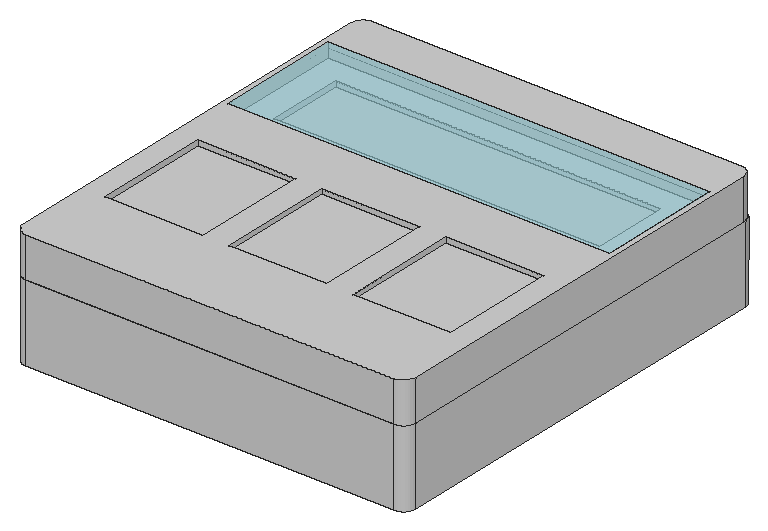
Revit family "Building-QuadriIEC309-GEWISS-68QDIN-QUADRI-PRESE-14MOD_3PRESE", category Apparecchi elettrici, host Superficie, Revit 2019
Family settings
  Host = Superficie
  Mantenere orientamento annotazione = Sì
  Quota connettore circolare = Usa diametro
  Tipo di parte = Normale
  Taglio con vuoti quando caricato = No
  Condiviso = No
  Punto di calcolo locali = Sì
Parameters (values of type "GW68005N - Q-DIN 14M 3FLANGE PR.16/32A IP65")
  visibilita posizionamento 2d [instance] = yes
  simbolo 2d [instance] = yes
  oggetto in pianta [instance] = not(visibilita posizionamento 2d)  # no
  distanza_simbolo [instance] = 0.1 mm
  bordo acceso [instance] = yes
  Visibilità sportello [instance] = yes
  Versione file RFA = "21.5"
  VETRO = Vetro
  URL = "https://www.gewiss.com/it/it"
  Tipologia di installazione = "Da parete"
  Tipo versione = "Vuoto"
  Termopressione con biglia = "70 °C"
  Temperatura di utilizzo = "-25 +40 °C"
  Temperatura di funzionamento = "-25 ÷ +40 °C"
  Spostamento_effettivo_S [instance] = 4000 mm - Spostamento_S  # 3000 mm
  Spostamento_S = 1000 mm
  Simbolo_quadro [instance] = not(simbolo 2d)  # no
  Scheda Tecnica = "https://www.gewiss.com/it/it/search?q=GW68005N"
  STRUTTURA ALTA = Poche
  STRUTTURA = RAL - 7035
  SEO = "Quadretto"
  Resistenza agli urti = "IK08"
  Default Elevation = 1219.2 mm
  Produttore = "GEWISS S.p.A."
  Potenza dissipabile B (W) = "64"
  Potenza dissipabile A (W) = "24"
  PRESA = rosso
  POMELLO = bianco
  N. prese alloggiabili = "3 IEC 309 16/32 A IP44/67"
  N. mod. EN 50022 = "14"
  N. flange in dotazione = "1 IB 16/32 A"
  N. coperchi ciechi in dotazione = "1 IEC 16/32 A"
  Modello = "GW68005N"
  Immagine tipo = GW68005N.jpg
  IDT = "63e6b50c-c9b0-4c82-844b-021dcb4b6831"
  IDF = "64fd8844-c356-49a2-a1c7-5f6e02194f4d"
  Grado di protezione = "IP65"
  Glow Wire Test = "650°C"
  Descrizione = "Q-DIN 14M 3FLANGE PR.16/32A IP65"
  Creato da GEWISS S.p.A. = ""
  ConformitÃ  normativa = "EN 60208 - EN 60670-1 - IEC 60670-24"
  Colore = "Grigio RAL 7035"
  Codice Electrocod = "2242"
  Codice EAN = "8011564744769"
  Classe isolamento = "II"
  Catalogo Serie = "68 QDIN"
  Catalogo = "BUILDING"
  COBie.Tagnumber = ""
  COBie.CreatedOn = ""
  COBie.CreatebBy = ""
  COBie.ComponentRegisterItemID = ""
  COBie.Component.TagNumber = ""
  COBie.Component.Space = ""
  COBie.Component.SerialNumber = ""
  COBie.Component.InstallationDate = ""
  COBie.Component.Description = ""
  COBie.Component.BarCode = ""
Reference planes
  plane 1 "Centro (Fronte/Retro)": y = 0
  plane 2: z = 0
  plane 3 "Centro (Sinistra/Destra)": x = 0
  plane 4: x = -3000
  plane 5: x = 0
Forms (mm)
  Extrusion 1, solid, detail levels coarse
    sketch origin (0, 0, 0) x (1, 0, 0) y (0, 1, 0)
      loop
        line (-160, 354) -> (-160, 0) -> (160, 0) -> (160, 354) -> (-160, 354)
    from 0 to 96
Lines and regions (mm)
  Masking region 1, visible <- "visibilita posizionamento 2d"
    outline origin (0, 0, 0) x (1, 0, 0) y (0, 0, 1)
      loop
        line (-160, 0) -> (160, 0) -> (160, 96) -> (-160, 96) -> (-160, 0)
Dimensions and locks
  plane 4 to plane 3 "Centro (Sinistra/Destra)" = 3000 mm
  "Spostamento_effettivo_S": plane 4 to plane 5
  aligned and locked: plane 2 to host face
  aligned and locked: level to host face
  aligned and locked: nested 1 to plane 5
  aligned and locked: nested 3 to plane 5
  aligned and locked: nested 2 to plane 5
  aligned and locked: Extrusion 1 sketch curve to nested 2  (x3)
  aligned and locked: nested 2 to Extrusion 1 sketch curve
  aligned and locked: Extrusion 1 to nested 2
Automatic sketch dimensions
  host sketch curve to host sketch curve = 2438.4 mm  (x2)
  Masking region 1 sketch curve to level = 0 mm
  Masking region 1 sketch curve to plane 3 "Centro (Sinistra/Destra)" = 160 mm
  plane 3 "Centro (Sinistra/Destra)" to Masking region 1 sketch curve = 160 mm
  Masking region 1 sketch curve to Masking region 1 sketch curve = 96 mm
Nested families
  nested 1: "CENTRALINO" at (0, 737.795, 0), BORDO ACCESO <- "bordo acceso", SIMBOLO ACCESO <- "simbolo 2d", Distanza dal muro <- "distanza_simbolo", visible <- "simbolo 2d", type "CENTRALINO"
    with SIMBOLO ACCESO yes, Distanza dal muro 0.1 mm, BORDO ACCESO yes
  nested 2: "68QDIN14 QUADRO DISTRIBUZ X 3 PRESE IND_base" at (0, 192, 0), Visibilita sportello <- "Visibilità sportello", type "68QDIN14 QUADRO DISTRIBUZ X 3 PRESE IND_base", detail levels medium+fine
  nested 3: "simb_CENTRALINO_BASE_cad pro" at (0, 737.795, 0), Distanza dal muro <- "distanza_simbolo", visible <- "Simbolo_quadro", SIMBOLO ACCESO <- "Simbolo_quadro", type "simb_CENTRALINO_BASE_cad pro"
    with SIMBOLO ACCESO no, Distanza dal muro 0.1 mm, BORDO ACCESO yes
Definition of nested family "68QDIN14 QUADRO DISTRIBUZ X 3 PRESE IND_base"
  Parameters (values of type "68QDIN14 QUADRO DISTRIBUZ X 3 PRESE IND_base")
    n_moduli = 105 mm
    h_moduli = 64 mm
    Visibilita sportello [instance] = yes
    Vetro = none
    Struttura = none
    Spessore = 96 mm
    Default Elevation = 14 mm
    Presa = none
    Larghezza = 320 mm
    IFC.TypeObject = ""
    IFC.ExportType = ""
    IFC.ExportAs = ""
    H_da terra = 589.057 mm
    COBie.CreatedOn = ""
    COBie.CreatebBy = ""
    COBie.ComponentRegisterItemID = ""
    COBie.Component.TagNumber = ""
    COBie.Component.Space = ""
    COBie.Component.SerialNumber = ""
    COBie.Component.InstallationDate = ""
    COBie.Component.Description = ""
    COBie.Component.BarCode = ""
    Altezza scatole = 350 mm
    Altezza quadro = 150 mm
    Altezza = 258 mm
  Reference planes
    plane 1 "Centro (Fronte/Retro)": y = 0
    plane 2: z = 0
    plane 3 "Centro (Sinistra/Destra)": x = 0
    plane 4: z = 69.589
    plane 5: z = 115.626
    plane 6: z = 63
    plane 7: x = -160
    plane 8: x = 160
    plane 9: x = -156
    plane 10: x = 156
    plane 11: y = 123.21
    plane 12: y = 21.246
    plane 13: y = 0
    plane 14: y = -242.621
    plane 15: y = -28
    plane 16: y = -192
    plane 17: y = 162
    plane 18: z = 58
    plane 19: y = 103
    plane 20: y = 39
    plane 21: x = -52.5
    plane 22: x = 52.5
    plane 23: z = 92.059
    plane 24: z = 96
    plane 25 "posizionamento moduli": z = 84.734
    plane 26: z = 80.558
    plane 27: y = 71
    plane 28: x = -141
    plane 29: x = 158.1
    plane 30: x = -61
    plane 31: y = -123
    plane 32: x = -40
    plane 33: x = 40
    plane 34: x = 61
    plane 35: x = 141
  Forms (mm)
    Extrusion 1, solid, material <- "Struttura"
      sketch origin (0, -857.311, 0) x (1, 0, 0) y (0, 1, 0)
        loop
          arc (-150, 1019.311) -> (-157.071, 1016.382) -> (-160, 1009.311) r 10
          line (-160, 1009.311) -> (-160, 675.311)
          arc (-160, 675.311) -> (-157.071, 668.24) -> (-150, 665.311) r 10
          line (-150, 665.311) -> (150, 665.311)
          arc (150, 665.311) -> (157.071, 668.24) -> (160, 675.311) r 10
          line (160, 675.311) -> (160, 1009.311)
          arc (160, 1009.311) -> (157.071, 1016.382) -> (150, 1019.311) r 10
          line (150, 1019.311) -> (-150, 1019.311)
      from 63 to 96
    Extrusion 2, solid, material <- "Struttura"
      sketch origin (0, -857.311, 0) x (1, 0, 0) y (0, 1, 0)
        loop
          line (152.45, 1019.311) -> (-156.38, 1019.311)
          arc (-156.38, 1019.311) -> (-158.94, 1018.251) -> (-160, 1015.691) r 3.62
          line (-160, 1015.691) -> (-160, 675.311)
          arc (-160, 675.311) -> (-157.071, 668.24) -> (-150, 665.311) r 10
          line (-150, 665.311) -> (150, 665.311)
          arc (150, 665.311) -> (157.071, 668.24) -> (160, 675.311) r 10
          line (160, 675.311) -> (160, 1011.76)
          arc (160, 1011.76) -> (157.789, 1017.099) -> (152.45, 1019.311) r 7.55
      from 0 to 63
    Extrusion 3, void
      sketch origin (0, -857.311, 0) x (1, 0, 0) y (0, 1, 0)
        loop
          line (-156, 980.52) -> (-156, 878.557) -> (156, 878.557) -> (156, 980.52) -> (-156, 980.52)
      from 69.589 to 96
    Extrusion 4, solid, material <- "Vetro", visible <- "Visibilita sportello", detail levels fine
      sketch origin (0, -857.311, 0) x (1, 0, 0) y (0, 1, 0)
        loop
          line (-156, 980.52) -> (-156, 878.557) -> (156, 878.557) -> (156, 980.52) -> (-156, 980.52)
      from 92.059 to 96
    Extrusion 5, void
      sketch origin (0, 0, 0) x (1, 0, 0) y (0, 1, 0)
        loop
          line (-52.5, 39) -> (52.5, 39) -> (52.5, 103) -> (-52.5, 103) -> (-52.5, 39)
      from 80.558 to 84.734
    Extrusion 6, solid
      sketch origin (0, 0, 0) x (1, 0, 0) y (0, 1, 0)
        loop
          line (-156, 123.21) -> (-156, 21.246) -> (156, 21.246) -> (156, 123.21) -> (-156, 123.21)
      from 80.558 to 84.734
    Extrusion 7, void
      sketch origin (0, 0, 84.734) x (0, -1, 0) y (1, 0, 0)
        loop
          line (28, -141) -> (123, -141) -> (123, -61) -> (28, -61) -> (28, -141)
        loop
          line (123, -40) -> (123, 40) -> (28, 40) -> (28, -40) -> (123, -40)
        loop
          line (28, 61) -> (123, 61) -> (123, 141) -> (28, 141) -> (28, 61)
      from 7.325 to 11.266
  Cuts and joins
    Extrusion 3, Extrusion 7 cuts Extrusion 1
    Extrusion 5 cuts Extrusion 6
    Extrusion 5 cuts Extrusion 4
  Lines and regions (mm)
    model lines
      curve 1: line (-52.5, 71, 84.734) -> (52.5, 71, 84.734)
  Dimensions and locks
    plane 4 to plane 5 = 46.036 mm
    locked: plane 7 to plane 9 at 4
    locked: plane 10 to plane 8 at 4
    equal spacing: plane 7, plane 3 "Centro (Sinistra/Destra)", plane 8
    "Larghezza": plane 7 to plane 8
    plane 13 to plane 15 = 28 mm
    plane 1 "Centro (Fronte/Retro)" to plane 17 = 162 mm
    plane 16 to plane 13 = 192 mm
    plane 12 to plane 1 "Centro (Fronte/Retro)" = 21.246 mm
    plane 11 to plane 17 = 38.79 mm
    locked: plane 6 to plane 18 at 5
    locked: plane 17 to plane 19 at 59
    "h_moduli": plane 19 to plane 20
    equal spacing: plane 21, plane 3 "Centro (Sinistra/Destra)", plane 22
    "n_moduli": plane 21 to plane 22
    locked: plane 24 to plane 23 at 3.941
    plane 6 to plane 2 = 63 mm
    locked: plane 23 to plane 25 "posizionamento moduli" at 7.325
    locked: plane 25 "posizionamento moduli" to plane 26 at 4.176
    equal spacing: plane 19, plane 27, plane 20
    plane 15 to plane 31 = 95 mm  (x2)
    locked: plane 29 to plane 8 at 1.9
    plane 28 to plane 30 = 80 mm  (x2)
    plane 30 to plane 32 = 21 mm
    plane 34 to plane 35 = 80 mm
    equal spacing: plane 32, plane 3 "Centro (Sinistra/Destra)", plane 33
    plane 32 to plane 3 "Centro (Sinistra/Destra)" = 40 mm
    plane 33 to plane 34 = 21 mm
    radius of Extrusion 2 sketch curve = 10 mm  (x2)
    radius of Extrusion 2 sketch curve = 3.62 mm
    radius of Extrusion 2 sketch curve = 7.55 mm
    radius of Extrusion 1 sketch curve = 10 mm  (x4)
    aligned and locked: level to plane 2
    aligned and locked: cut or joined group of Extrusion 1, Extrusion 3, Extrusion 7 to plane 4
    aligned and locked: plane 7 to Extrusion 2 sketch curve
    aligned and locked: plane 8 to Extrusion 2 sketch curve
    aligned and locked: plane 8 to Extrusion 1 sketch curve
    aligned and locked: plane 7 to Extrusion 1 sketch curve
    aligned and locked: Extrusion 4 sketch curve to plane 9
    aligned and locked: Extrusion 4 sketch curve to plane 10
    aligned and locked: Extrusion 3 sketch curve to plane 9
    aligned and locked: Extrusion 3 sketch curve to plane 10
    aligned and locked: Extrusion 4 sketch curve to plane 11
    aligned and locked: Extrusion 4 sketch curve to plane 12
    aligned and locked: Extrusion 3 sketch curve to plane 11
    aligned and locked: Extrusion 3 sketch curve to plane 12
    aligned and locked: plane 16 to Extrusion 2 sketch curve
    aligned and locked: plane 1 "Centro (Fronte/Retro)" to plane 13
    aligned and locked: plane 17 to Extrusion 1 sketch curve
    aligned and locked: Extrusion 5 sketch curve to plane 21
    aligned and locked: Extrusion 5 sketch curve to plane 19
    aligned and locked: Extrusion 5 sketch curve to plane 20
    aligned and locked: Extrusion 5 sketch curve to plane 22
    aligned and locked: plane 25 "posizionamento moduli" to Extrusion 5
    aligned and locked: Extrusion 5 to plane 26
    aligned and locked: Extrusion 6 sketch curve to plane 11
    aligned and locked: Extrusion 6 sketch curve to plane 12
    aligned and locked: Extrusion 6 to plane 26
    aligned and locked: plane 25 "posizionamento moduli" to Extrusion 6
    aligned and locked: Extrusion 6 sketch curve to Extrusion 4  (x2)
    aligned and locked: plane 27 to curve 1
    aligned and locked: plane 16 to Extrusion 1 sketch curve
    aligned and locked: Extrusion 2 sketch curve to plane 17
    aligned and locked: Extrusion 7 sketch curve to plane 15
    aligned and locked: Extrusion 7 sketch curve to plane 31
    aligned and locked: Extrusion 7 sketch curve to plane 28
    aligned and locked: Extrusion 7 sketch curve to plane 30
    aligned and locked: Extrusion 7 sketch curve to plane 32
    aligned and locked: Extrusion 7 sketch curve to plane 33
    aligned and locked: Extrusion 7 sketch curve to plane 34
    aligned and locked: Extrusion 7 sketch curve to plane 35
    aligned and locked: Extrusion 1 to Extrusion 7
    aligned and locked: Extrusion 7 to plane 23
  Automatic sketch dimensions
    curve 1 to plane 21 = 0 mm
    curve 1 to plane 22 = 0 mm
    plane 15 to Extrusion 7 sketch curve = 0 mm
    Extrusion 7 sketch curve to plane 31 = 0 mm  (x2)
    Extrusion 7 sketch curve to plane 15 = 0 mm
Definition of nested family "CENTRALINO"
  Parameters (values of type "CENTRALINO")
    SIMBOLO ACCESO [instance] = yes
    Distanza dal muro [instance] = 0 mm
    BORDO ACCESO [instance] = yes
  Reference planes
    plane 1: y = 0
    plane 2: x = 0
  Dimensions and locks
    "Distanza dal muro": plane 1 to nested 1
    aligned and locked: plane 2 to nested 1
  Nested families
    nested 1: "CENTRALINO_BASE" at (0, 0, 0), BORDO ACCESO <- "BORDO ACCESO", visible <- "SIMBOLO ACCESO", type "CENTRALINO"
      with BORDO ACCESO yes
  Definition of nested family "CENTRALINO_BASE"
    Parameters (values of type "CENTRALINO")
      Distanza dal muro = 0 mm
      BORDO ACCESO [instance] = yes
    Reference planes
      plane 1: y = 0
      plane 2: x = 0
    Lines and regions (mm)
      detail lines, visible <- "BORDO ACCESO", not visible
        curve 1: line (-2.443, 10.208, 0) -> (2.057, 10.208, 0)
        curve 2: line (2.057, 10.208, 0) -> (2.057, 4.208, 0)
        curve 3: line (2.057, 4.208, 0) -> (-2.443, 4.208, 0)
        curve 4: line (-2.443, 4.208, 0) -> (-2.443, 10.208, 0)
        curve 5: line (-2.043, 9.808, 0) -> (1.657, 9.808, 0)
        curve 6: line (1.657, 9.808, 0) -> (1.657, 4.608, 0)
        curve 7: line (1.657, 4.608, 0) -> (-2.043, 4.608, 0)
        curve 8: line (-2.043, 4.608, 0) -> (-2.043, 9.808, 0)
      detail lines
        curve 9: line (0, 0.671, 0) -> (0, 0, 0)
        curve 10: line (0.659, 0.671, 0) -> (0.659, 1.33, 0)
        curve 11: line (0.659, 1.33, 0) -> (-0.659, 1.33, 0)
        curve 12: line (-0.659, 1.33, 0) -> (-0.659, 0.671, 0)
        curve 13: line (-0.659, 0.671, 0) -> (0.659, 0.671, 0)
        curve 14: line (0.497, 1.33, 0) -> (0.497, 2, 0)
        curve 15: line (0.167, 1.33, 0) -> (0.167, 2, 0)
        curve 16: line (-0.162, 1.33, 0) -> (-0.162, 2, 0)
        curve 17: line (-0.491, 1.33, 0) -> (-0.491, 2, 0)
Definition of nested family "simb_CENTRALINO_BASE_cad pro"
  Parameters (values of type "simb_CENTRALINO_BASE_cad pro")
    SIMBOLO ACCESO [instance] = yes
    Distanza dal muro [instance] = 0 mm
    BORDO ACCESO [instance] = yes
  Reference planes
    plane 1: y = 0
    plane 2: x = 0
  Dimensions and locks
    "Distanza dal muro": plane 1 to nested 1
    aligned and locked: plane 2 to nested 1
  Nested families
    nested 1: "CENTRALINO_BASE_cad pro" at (0, 0, 0), type "CENTRALINO"
  Definition of nested family "CENTRALINO_BASE_cad pro"
    Parameters (values of type "CENTRALINO")
      Distanza dal muro = 0 mm
    Reference planes
      plane 1: y = 0
      plane 2: x = 0
    Lines and regions (mm)
      detail lines
        curve 1: line (1.33, 1.33, 0) -> (2.109, 1.33, 0)
        curve 2: line (2.109, 1.33, 0) -> (2.109, 0, 0)
        curve 3: line (2.109, 0, 0) -> (1.33, 0, 0)
        curve 4: line (1.33, 0, 0) -> (-1.33, 1.33, 0)
        curve 5: line (-1.33, 1.33, 0) -> (1.33, 1.33, 0)
        curve 6: line (1.33, 1.33, 0) -> (1.33, 0, 0)
        curve 7: line (1.33, 0, 0) -> (-1.33, 0, 0)
        curve 8: line (-1.33, 0, 0) -> (-1.33, 1.33, 0)
        curve 9: line (1.461, 0.665, 0) -> (1.977, 0.665, 0)
        curve 10: line (1.719, 0.665, 0) -> (1.719, 1.01, 0)
        curve 11: arc (1.977, 0.406, 0) -> (1.719, 0.665, 0) -> (1.461, 0.406, 0) r 0.258
